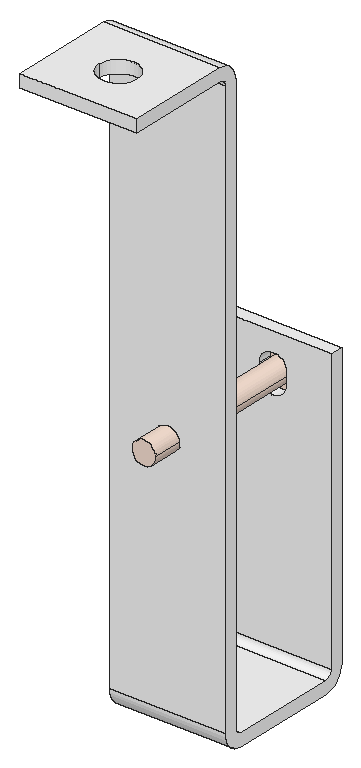
Revit family "60×30×10LGハンガー(外折れ)", category 機械設備, Revit 2020
Family settings
  丸型コネクタ寸法 = 直径を使用
  種別 = なし
  パーツ タイプ = 標準
  作業面ベース = いいえ
  常に垂直 = はい
  ロード時にボイドで切り取り = いいえ
  共有 = いいえ
  部屋計算ポイント = いいえ
Parameters
  製造元 = "株式会社桐井製作所"
  既定の高さ = 0 mm
  URL = "https://www.kirii.co.jp/"
  K_材質 = "SGHC　一般用"
  K_品名 = "60×30×10LGハンガー(外折れ)"
  K_名称 = "その他ハンガー"
  K_入数 = "100"
  K_バージョン情報 = "20211012"
  K_めっき付着量 = "Z12"
  K_JIS規格 = "JIS G 3302"
Reference planes
  plane 1 "中心(正面/背面)": y = 0
  plane 2: z = 0
  plane 3 "中心(左/右)": x = 0
  plane 4: x = 15
  plane 5: x = -15
Forms (mm)
  Extrusion 1, solid
    sketch origin (0, 0, 0) x (0, 1, 0) y (0, 0, 1)
      loop
        line (0, 1.8) -> (0, 151.8)
        arc (0, 151.8) -> (-1.464, 155.336) -> (-5, 156.8) r 5
        line (-5, 156.8) -> (-32, 156.8) -> (-32, 153.6) -> (-5, 153.6)
        arc (-5, 153.6) -> (-3.727, 153.073) -> (-3.2, 151.8) r 1.8
        line (-3.2, 151.8) -> (-3.2, 1.8)
        arc (-3.2, 1.8) -> (-1.736, -1.736) -> (1.8, -3.2) r 5
        line (1.8, -3.2) -> (29.2, -3.2)
        arc (29.2, -3.2) -> (32.736, -1.736) -> (34.2, 1.8) r 5
        line (34.2, 1.8) -> (34.2, 74.8) -> (31, 74.8) -> (31, 1.8)
        arc (31, 1.8) -> (30.473, 0.527) -> (29.2, 0) r 1.8
        line (29.2, 0) -> (1.8, 0)
        arc (1.8, 0) -> (0.527, 0.527) -> (0, 1.8) r 1.8
    from -15 to 15
  Extrusion 2, void
    sketch origin (0, 0, 0) x (1, 0, 0) y (0, 1, 0)
      loop
        circle (0, -19) r 5
    from 153.6 to 156.8
  Extrusion 3, void
    sketch origin (0, 0, 0) x (1, 0, 0) y (0, 0, 1)
      loop
        arc (3.5, 66.5) -> (0, 70) -> (-3.5, 66.5) r 3.5
        line (-3.5, 66.5) -> (-3.5, 63.5)
        arc (-3.5, 63.5) -> (0, 60) -> (3.5, 63.5) r 3.5
        line (3.5, 63.5) -> (3.5, 66.5)
    from -34.2 to -31
  Extrusion 4, void
    sketch origin (0, 0, 0) x (1, 0, 0) y (0, 0, 1)
      loop
        circle (0, 65) r 3
    from 0 to 3.2
Cuts and joins
  Extrusion 2, Extrusion 3, Extrusion 4 cuts Extrusion 1
Dimensions and locks
  aligned and locked: level to plane 2
Nested families
  nested 1: "M6×45ビス" at (-0.011, 34.2, 65.2) x (-1, 0, 0) z (0, 0, 1), type "M6×45ビス"
Definition of nested family "M6×45ビス"
  Parameters (values of type "M6×45ビス")
    Manufacturer = "株式会社桐井製作所"
    Default Elevation = 0 mm
    URL = "https://www.kirii.co.jp/"
    K_名称 = "M6×45ボルト"
  Reference planes
    plane 1 "中心(正面/背面)": y = 0
    plane 2: z = 0
    plane 3 "中心(左/右)": x = 0
    plane 4 "正面": y = -4
  Forms (mm)
    Extrusion 1, solid
      sketch origin (0, 0, 0) x (1, 0, 0) y (0, 0, 1)
        loop
          line (-4.763, -2.946) -> (0, -5.696) -> (4.763, -2.946) -> (4.763, 2.554) -> (0, 5.304) -> (-4.763, 2.554) -> (-4.763, -2.946)
      from 0 to 4
    Extrusion 2, void
      sketch origin (0, -4, 0) x (-1, 0, 0) y (0, 0, 1)
        loop
          circle (0, -0.156) r 4.396
      from 0 to 1
    Extrusion 3, void
      sketch origin (0, -4, 0) x (-1, 0, 0) y (0, 0, 1)
        loop
          arc (-0.6, 1.814) -> (-1.069, 0.856) -> (-2.036, 0.404) r 1.605
          line (-2.036, 0.404) -> (-2.939, 0.404)
          arc (-2.939, 0.404) -> (-3, -0.195) -> (-2.94, -0.795) r 3
          line (-2.94, -0.795) -> (-2.049, -0.795)
          arc (-2.049, -0.795) -> (-1.074, -1.243) -> (-0.6, -2.206) r 1.605
          line (-0.6, -2.206) -> (-0.6, -3.135)
          arc (-0.6, -3.135) -> (0, -3.196) -> (0.6, -3.135) r 3
          line (0.6, -3.135) -> (0.6, -2.206)
          arc (0.6, -2.206) -> (1.074, -1.243) -> (2.049, -0.795) r 1.605
          line (2.049, -0.795) -> (2.94, -0.795)
          arc (2.94, -0.795) -> (3, -0.198) -> (2.941, 0.398) r 3
          line (2.941, 0.398) -> (2.117, 0.398)
          arc (2.117, 0.398) -> (1.098, 0.828) -> (0.6, 1.814) r 1.605
          line (0.6, 1.814) -> (0.6, 2.743)
          arc (0.6, 2.743) -> (0, 2.804) -> (-0.6, 2.743) r 3
          line (-0.6, 2.743) -> (-0.6, 1.814)
      from 0 to 2
    Extrusion 4, solid
      sketch origin (0, 0, 0) x (1, 0, 0) y (0, 0, 1)
        loop
          circle (-0.011, -0.2) r 3
      from 0 to -45
  Cuts and joins
    Extrusion 2, Extrusion 3 cuts Extrusion 1
    joined: Extrusion 1, Extrusion 4
  Dimensions and locks
    aligned and locked: level to plane 2
